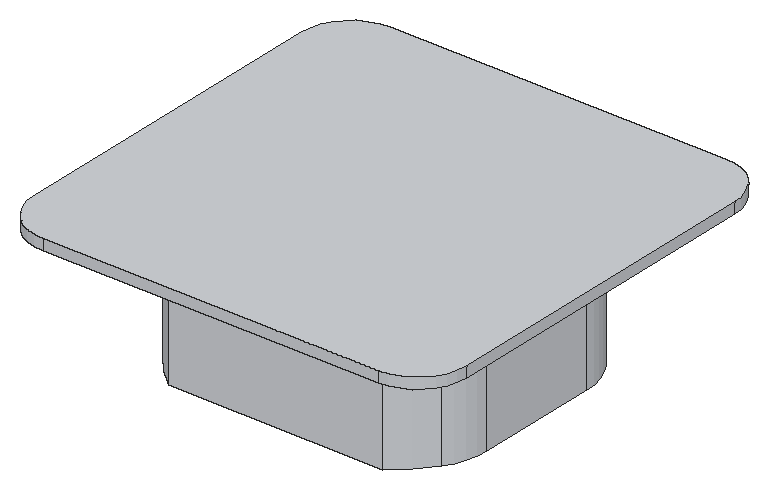
Revit family "Gira_010300", category Electrical Fixtures, host Face, Revit 2017
Family settings
  Host = Face
  Maintain Annotation Orientation = Yes
  Round Connector Dimension = Use Diameter
  Part Type = Normal
  Cut with Voids When Loaded = No
  Shared = No
  Room Calculation Point = No
Parameters (values of type "Wippschalter Aus 3-p Einsatz")
  Zusammenstellung = "Basiselement"
  Werkstoffgüte = "sonstige"
  Werkstoff = "sonstige"
  Waschmaschinenschalter = "No"
  URL = "http://katalog.gira.de/de_DE/datenblatt.html?artikelnr=010300"
  Textfeld/Beschriftungsfläche = "nein"
  Tastschalter = "No"
  Schaltungsart = "Schalter 3-polig"
  Rückmeldekontakt = "No"
  Region = "DE"
  Oberfläche = "sonstige"
  Nennspannung = "400 Volt"
  Name = "Wippschalter Aus 3-p Einsatz"
  Montageart = "unter Putz"
  Mit Montageplatte = "No"
  Manufacturer URL = "https://www.gira.de/"
  Keynote = "Einsatz_1fach"
  HeinzeBIM = "https://bimportal.heinze.de/bim/wippschalter-aus-3-p-einsatz/5d5e6f0786425820443fb4f1ba183bef9051d057"
  Halogenfrei = "No"
  HAN = "010300"
  Geeignet für Schutzart (IP) = "IP20"
  GTIN = "4010337103004"
  Farbe = "sonstige"
  Default Elevation = 1219.2 mm
  Data sheet (1) = "https://katalog.gira.de/de_DE/download.html?artikelnr=010300"
  Category = "Installationsschalter"
  Bemessungsstrom = "16 Ampere"
  Beleuchtung = "nein"
  Befestigungsart = "Krallen-/Schraubbefestigung"
  Bedienungsart = "Wippe/Taste"
  Available = "Yes"
  Anzahl der Module (bei Modulbauweise) = "1 "
  Anzahl der Betätigungswippen = "1 "
  Anschlussart = "Schraubklemme"
Reference planes
  plane 1 "Center (Front/Back)": y = 0
  plane 2: z = 0
  plane 3 "Center (Left/Right)": x = 0
Forms (mm)
  Extrusion 1, solid, detail levels fine
    sketch origin (0, 0, 0) x (1, 0, 0) y (0, 1, 0)
      loop
        line (27.475, 35.475) -> (-27.475, 35.475)
        arc (-27.475, 35.475) -> (-33.132, 33.132) -> (-35.475, 27.475) r 8
        line (-35.475, 27.475) -> (-35.475, -27.475)
        arc (-35.475, -27.475) -> (-33.132, -33.132) -> (-27.475, -35.475) r 8
        line (-27.475, -35.475) -> (27.475, -35.475)
        arc (27.475, -35.475) -> (33.132, -33.132) -> (35.475, -27.475) r 8
        line (35.475, -27.475) -> (35.475, 27.475)
        arc (35.475, 27.475) -> (33.132, 33.132) -> (27.475, 35.475) r 8
    from 0 to 1.8
  Extrusion 2, solid, detail levels fine
    sketch origin (0, 0, 0) x (1, 0, 0) y (0, 1, 0)
      loop
        line (9.678, 25.4) -> (-9.678, 25.4)
        arc (-9.678, 25.4) -> (-12.885, 24.922) -> (-15.814, 23.53) r 11
        arc (-15.814, 23.53) -> (-17.795, 22.07) -> (-19.641, 20.444) r 28.35
        arc (-19.641, 20.444) -> (-21.339, 18.665) -> (-22.876, 16.745) r 28.35
        arc (-22.876, 16.745) -> (-24.456, 13.666) -> (-25, 10.248) r 11
        line (-25, 10.248) -> (-25, -10.248)
        arc (-25, -10.248) -> (-24.456, -13.666) -> (-22.876, -16.745) r 11
        arc (-22.876, -16.745) -> (-20.409, -19.677) -> (-17.569, -22.25) r 28.35
        line (-17.569, -22.25) -> (17.569, -22.25)
        arc (17.569, -22.25) -> (20.409, -19.677) -> (22.876, -16.745) r 28.35
        arc (22.876, -16.745) -> (24.456, -13.666) -> (25, -10.248) r 11
        line (25, -10.248) -> (25, 10.248)
        arc (25, 10.248) -> (24.456, 13.666) -> (22.876, 16.745) r 11
        arc (22.876, 16.745) -> (21.593, 18.37) -> (20.195, 19.897) r 28.35
        arc (20.195, 19.897) -> (18.096, 21.823) -> (15.814, 23.53) r 28.35
        arc (15.814, 23.53) -> (12.885, 24.922) -> (9.678, 25.4) r 11
    from -22 to 0
  Extrusion 3, solid, detail levels medium
    sketch origin (0, 0, 0) x (1, 0, 0) y (0, 1, 0)
      loop
        line (-25, 25.4) -> (-25, -22.25) -> (25, -22.25) -> (25, 25.4) -> (-25, 25.4)
    from -22 to 0
  Extrusion 4, solid, detail levels coarse
    sketch origin (0, 0, 0) x (1, 0, 0) y (0, 1, 0)
      loop
        line (35.475, 35.475) -> (-35.475, 35.475) -> (-35.475, -35.475) -> (35.475, -35.475) -> (35.475, 35.475)
    from -22 to 1.8
  Extrusion 5, solid, detail levels medium
    sketch origin (0, 0, 0) x (1, 0, 0) y (0, 1, 0)
      loop
        line (35.475, 35.475) -> (-35.475, 35.475) -> (-35.475, -35.475) -> (35.475, -35.475) -> (35.475, 35.475)
    from 0 to 1.8
Dimensions and locks
  aligned and locked: plane 2 to host face
  aligned and locked: level to host face
  aligned and locked: plane 3 "Center (Left/Right)" to nested 1
  aligned and locked: plane 1 "Center (Front/Back)" to nested 1
Nested families
  nested 1: "RJ45-Datendose Beschriftung" at (0, 0, 0), type "RJ45-Datendose Beschriftung"
Connectors
  electrical at (0, 0, -22)
    settings: on Extrusion 4, index 1, voltage 220 V, apparent load 0 VA, apparent load phase1 0 VA, apparent load phase2 0 VA, apparent load phase3 0 VA, power factor 1, load classification "Other", number of poles 1, system type 30, power factor state 1, is connector primary yes, connector utility no, sub classification motor no, connector description ""
Definition of nested family "RJ45-Datendose Beschriftung"
  Reference planes
    plane 1: y = 0
    plane 2: x = 0
  Lines and regions (mm)
    Filled region 1, type "Gefüllter Bereich 1"
      outline origin (0, 0, 0) x (1, 0, 0) y (0, 1, 0)
        loop
          circle (0, 2.4) r 0.4
    detail lines
      curve 1: line (0, 0, 0) -> (0, 2, 0)
      curve 2: line (0, 2, 0) -> (1.2, 2, 0)
      curve 3: line (1.2, 2, 0) -> (1.2, 3.6, 0)
      curve 4: circle (0, 2.4, 0) r 0.4 normal (0, 0, 1)
      curve 5: line (0, 2, 0) -> (-1.2, 2, 0)
      curve 6: line (-1.2, 2, 0) -> (-1.2, 3.6, 0)
